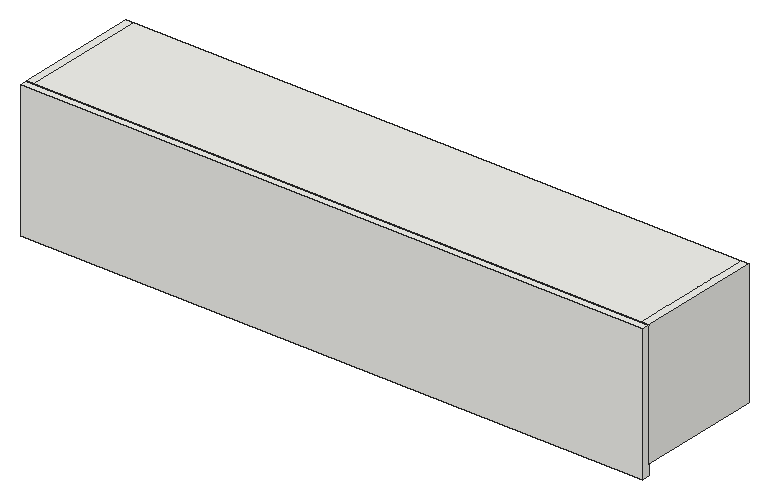
Revit family
Parameters (values of type "Overhead Storage Module")
  Assembly Code = "E2020"
  Depth = 1' - 0"
  Height = 4' - 6"
  Length = 5' - 0"
  Shelving Material = Laminate - Ivory, Glossy
Reference planes (in)
  plane 1 "Center (Front/Back)": y = 3.29778
  plane 2: z = 0
  plane 3 "Center (Left/Right)": x = -6.21191
  plane 4: x = -36.21191
  plane 5: y = -2.70222
  plane 6: x = 23.78809
  plane 7: y = 9.29778
  plane 8: z = 54
  plane 9: z = 66
Forms (in)
  Extrusion 1, solid, material "Laminate - Ivory, Glossy" <- "Shelving Material"
    sketch origin (0, -2.70222, 0) x (1, 0, 0) y (0, 0, 1)
      loop
        line (-35.46191, 66) -> (-36.21191, 66) -> (-36.21191, 54) -> (-35.46191, 54) -> (23.03809, 54) -> (23.78809, 54) -> (23.78809, 66) -> (23.03809, 66) -> (-35.46191, 66)
      loop
        line (-35.46191, 54.75) -> (23.03809, 54.75) -> (23.03809, 65.25) -> (-35.46191, 65.25) -> (-35.46191, 54.75)
    from 0 to -12
  Extrusion 2, solid, material "Laminate - Ivory, Glossy" <- "Shelving Material"
    sketch origin (0, -2.70222, 0) x (1, 0, 0) y (0, 0, 1)
      loop
        line (23.78809, 66) -> (-36.21191, 66) -> (-36.21191, 53) -> (23.78809, 53) -> (23.78809, 66)
    from 0 to 0.75
  Extrusion 3, solid, material "Laminate - Ivory, Glossy" <- "Shelving Material"
    sketch origin (0, 9.29778, 0) x (1, 0, 0) y (0, 0, 1)
      loop
        line (-35.46191, 65.25) -> (-35.46191, 54.75) -> (23.03809, 54.75) -> (23.03809, 65.25) -> (-35.46191, 65.25)
    from 0 to 0.75
Lines and regions (in)
  Masking region 1
    outline origin (0, 0, 0) x (1, 0, 0) y (0, 1, 0)
      loop
        line (-36.21191, 9.29778) -> (-36.21191, -2.70222) -> (23.78809, -2.70222) -> (23.78809, 9.29778) -> (-36.21191, 9.29778)
Dimensions and locks (in)
  equal spacing: plane 4, plane 3 "Center (Left/Right)", plane 6
  equal spacing: plane 5, plane 1 "Center (Front/Back)", plane 7
  "Length": plane 4 to plane 6
  "Depth": plane 5 to plane 7
  plane 9 to plane 8 = 1' - 0"
  "Height": plane 8 to plane 2
  aligned and locked: Extrusion 1 to plane 7
  aligned and locked: Masking region 1 sketch curve to plane 6
  aligned and locked: plane 7 to Masking region 1 sketch curve
  aligned and locked: Masking region 1 sketch curve to plane 5
  aligned and locked: plane 4 to Masking region 1 sketch curve
Automatic sketch dimensions
  Extrusion 1 sketch curve to plane 4 = 0' - 0"
  Extrusion 1 sketch curve to plane 8 = 0' - 0"
  Extrusion 1 sketch curve to plane 9 = 0' - 0"
  Extrusion 1 sketch curve to plane 6 = 0' - 0"
  Extrusion 1 sketch curve to Extrusion 1 sketch curve = 0' - 0 3/4"  (x3)
  plane 4 to Extrusion 1 sketch curve = 0' - 0 3/4"
  Extrusion 1 sketch curve to plane 6 = 0' - 0 3/4"
  Extrusion 1 sketch curve to Extrusion 1 sketch curve = 0' - 0"  (x2)
  plane 9 to Extrusion 1 sketch curve = 0' - 0 3/4"
  Extrusion 2 sketch curve to plane 4 = 0' - 0"
  Extrusion 2 sketch curve to plane 6 = 0' - 0"
  Extrusion 2 sketch curve to plane 9 = 0' - 0"
  Extrusion 2 sketch curve to plane 8 = 0' - 1"
  plane 4 to Extrusion 3 sketch curve = 0' - 0 3/4"
  Extrusion 3 sketch curve to plane 6 = 0' - 0 3/4"
  plane 8 to Extrusion 3 sketch curve = 0' - 0 3/4"
  plane 9 to Extrusion 3 sketch curve = 0' - 0 3/4"
